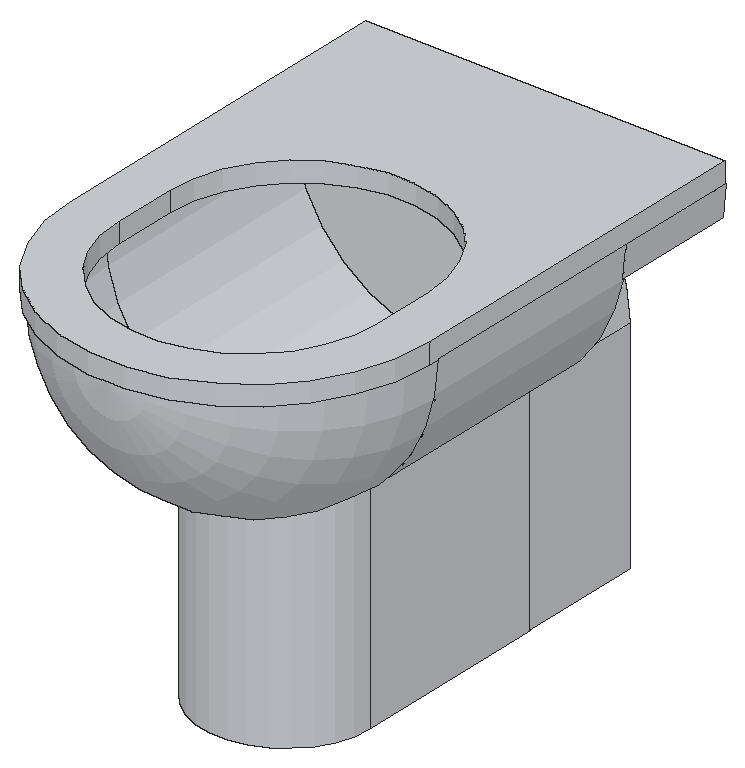
Revit family
Parameters (values of type "550 x 360mm")
  Material = none
  Manufacturer = "Revit"
  Assembly Code = "D2010110"
Reference planes
  plane 1 "Center (Front/Back)": y = 0
  plane 2: z = 0
  plane 3 "Center (Left/Right)": x = 0
  plane 4: y = -244.9
Forms (mm)
  Extrusion 1, solid, material <- "Material"
    sketch origin (0, 0, 400) x (1, 0, 0) y (0, 1, 0)
      loop
        line (-179.9, 0) -> (-179.9, -370.216)
        arc (-179.9, -370.216) -> (0.005, -550.122) -> (179.91, -370.216) r 179.905
        line (179.91, -370.216) -> (179.91, 0) -> (-179.9, 0)
      loop
        line (-130, -308.309) -> (-130, -372.093)
        arc (-130, -372.093) -> (0, -502.093) -> (130, -372.093) r 130
        line (130, -372.093) -> (130, -308.309)
        arc (130, -308.309) -> (0, -178.309) -> (-130, -308.309) r 130
    from -20 to 0
  Blend 2, solid, material <- "Material"
    base sketch origin (0, -124.9, 380) x (0, 0, -1) y (-1, 0, 0)
      loop
        arc (0, -180) -> (15.761, -179.209) -> (31.405, -177.138) r 193.77
        line (31.405, -177.138) -> (31.405, -150.665)
        arc (31.405, -150.665) -> (153.903, 0) -> (31.405, 150.665) r 153.903
        line (31.405, 150.665) -> (31.405, 177.138)
        arc (31.405, 177.138) -> (15.761, 179.209) -> (0, 180) r 193.77
        line (0, 180) -> (0, -180)
    top sketch origin (0, -124.9, 380) x (0, 0, -1) y (-1, 0, 0)
      loop
        line (0, 180) -> (0, -180)
        arc (0, -180) -> (15.761, -179.209) -> (31.405, -177.138) r 193.77
        line (31.405, -177.138) -> (31.405, -150.665)
        arc (31.405, -150.665) -> (107.291, 0) -> (31.405, 150.665) r 187.508
        line (31.405, 150.665) -> (31.405, 177.138)
        arc (31.405, 177.138) -> (15.761, 179.209) -> (0, 180) r 193.77
    from 0 to 124.9
  Revolve 3, solid
    sketch origin (-135.875, 0, 380) x (0, -1, 0) y (1, 0, 0)
      loop
        line (124.9, -18.028) -> (124.9, -44.025) -> (359.287, -44.025)
        arc (359.287, -44.025) -> (490.375, 8.047) -> (550, 135.875) r 191.038
        line (550, 135.875) -> (523.953, 135.875)
        arc (523.953, 135.875) -> (472.275, 26.71) -> (360.086, -18.028) r 165.042
        line (360.086, -18.028) -> (124.9, -18.028)
      axis (550, 135.875) -> (124.9, 135.875)
    angle from 0 to 180
  Sweep 4, solid
    path origin (0, 0, 0) x (1, 0, 0) y (0, 1, 0)
      loop
        line (-84.416, -124.9) -> (-84.416, -324.944)
        arc (-84.416, -324.944) -> (-0.099, -409.36) -> (84.415, -325.143) r 84.416
        line (84.415, -325.143) -> (84.415, -124.9)
    profile origin (0, -224.922, 0) x (1, 0, 0) y (0, 0, 1)
      loop
        line (-84.416, 0) -> (-58.435, 0) -> (-58.435, 219.393) -> (-84.416, 234.393) -> (-84.416, 0)
  Sweep 5, solid, material <- "Material"
    path origin (0, 0, 0) x (1, 0, 0) y (0, 1, 0)
      loop
        line (-58.435, -124.9) -> (-58.435, 0)
    profile origin (0, -62.45, 0) x (-1, 0, 0) y (0, 0, 1)
      loop
        line (84.416, 0.709) -> (84.416, 221.135)
        arc (84.416, 221.135) -> (79.629, 258.271) -> (67.208, 293.595) r 178.675
        line (67.208, 293.595) -> (57.208, 293.595) -> (57.208, 0.709) -> (84.416, 0.709)
  Sweep 6, solid, material <- "Material"
    path origin (0, 0, 0) x (-1, 0, 0) y (0, -1, 0)
      loop
        line (-58.435, 124.9) -> (-58.435, 0)
    profile origin (0, -62.45, 0) x (1, 0, 0) y (0, 0, 1)
      loop
        line (84.416, 0.709) -> (84.416, 221.135)
        arc (84.416, 221.135) -> (79.629, 258.271) -> (67.208, 293.595) r 178.675
        line (67.208, 293.595) -> (57.208, 293.595) -> (57.208, 0.709) -> (84.416, 0.709)
Cuts and joins
  joined: Revolve 3, Sweep 4
  joined: Blend 2, Sweep 5, Sweep 6
Lines and regions (mm)
  symbolic lines
    curve 1: line (-179.9, 0, 0) -> (-179.9, -359.287, 0)
    curve 2: arc (-179.9, -359.287, 0) -> (-4.657, -549.944, 0) -> (179.91, -368.299, 0) r 180.067
    curve 3: line (179.91, -368.299, 0) -> (179.91, 0, 0)
    curve 4: line (179.91, 0, 0) -> (-179.9, 0, 0)
    curve 9: line (130.63, -372.093, 0) -> (-130.877, -308.309, 0)
    curve 10: line (-130.877, -308.309, 0) -> (130.63, -372.093, 0)
  symbolic lines, detail levels medium+fine
    curve 5: arc (-87.431, -129.902, 0) -> (-81.102, -136.231, 0) -> (-74.773, -129.902, 0) r 6.329
    curve 6: arc (-74.773, -129.902, 0) -> (-81.102, -123.573, 0) -> (-87.431, -129.902, 0) r 6.329
    curve 7: arc (75.37, -129.902, 0) -> (81.699, -136.231, 0) -> (88.028, -129.902, 0) r 6.329
    curve 8: arc (88.028, -129.902, 0) -> (81.699, -123.573, 0) -> (75.37, -129.902, 0) r 6.329
    curve 11: line (47.129, -320.624, 0) -> (-47.196, -320.624, 0)
    curve 12: line (-47.196, -320.624, 0) -> (47.129, -320.624, 0)
